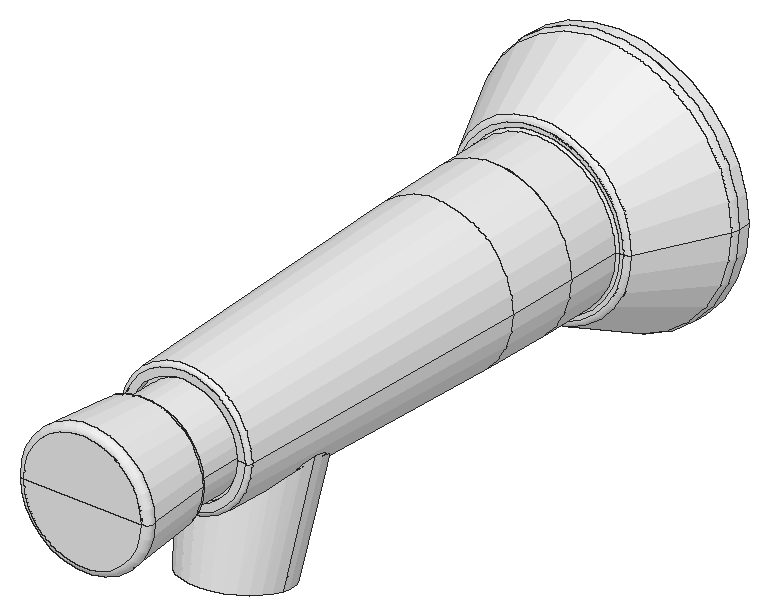
Revit family "947110001_Grifería para Lavamanos Institucional Push Pared", category Plumbing Fixtures, Revit 2019
Family settings
  Round Connector Dimension = Use Diameter
  Part Type = Normal
  OmniClass Number = 23.21.21.19
  OmniClass Title = Commercial Dishwasher Equipment
  Work Plane-Based = No
  Always vertical = Yes
  Cut with Voids When Loaded = No
  Shared = No
  Room Calculation Point = No
Parameters
  Uso = "Institucional"  # constant formula
  URL = "https://corona.co/productos/griferias/griferias-institucionales/griferia-para-lavamanos-institucional-push-pared/p/947110001"
  Tipo de manija/accionamiento = "Push"  # constant formula
  Tipo de instalación = "A pared"  # constant formula
  Tipo de grifería = "De pared"  # constant formula
  Sistema de accionamiento = "Tipo push"  # constant formula
  Sistema antivandálico = "Producto que dificulta las acciones vandálicas"  # constant formula
  Resistencia = "Resistente a la corrosión pelado y decoloración por agua"  # constant formula
  Rango de presión de agua = "Entre 20 y 80 PSI"  # constant formula
  Productos compatibles = "Lavamanos Institucionales Corona"  # constant formula
  Materiales = "Metal"  # constant formula
  Material = Corona_Cromado
  Línea = "Push Pared"  # constant formula
  Largo = "16 cm"  # constant formula
  Incluye = "Cuerpo, botón, escudo, portaescudo"  # constant formula
  Garantías de otros componentes = "2 años en acabados"  # constant formula
  Garantía = "3 años "  # constant formula
  Fecha de creación = "30/07/2020"  # constant formula
  Description = "Un producto perfecto para las necesidades de las instituciones de alto tráfico al estar diseñadas para un óptimo funcionamiento y durabilidad. Destacan por sus características antivandálicas y cierre automático temporizado entre 5 a 9 segundos. Con instalación a pared tipo push antivandálica. ¡No esperes más para tenerla!"  # constant formula
  Creado por = "IDD"  # constant formula
  Consumo de agua = "9.68 lt"  # constant formula
  Colección = "Griferia 2016"  # constant formula
  Capacidad de flujo = "9.68 l/m máximo a 80 PSI"  # constant formula
  Ancho = "6.3 cm"  # constant formula
  Alto = "6.3 cm"  # constant formula
  Acabado = "Cromado"  # constant formula
Reference planes
  plane 1 "Center (Front/Back)": y = 0
  plane 2: z = 0
  plane 3 "Center (Left/Right)": x = 0
Forms (mm)
  Revolve 1, solid, material "Corona_Cromado", detail levels medium+fine
    sketch origin (0, 0, 0) x (0, -1, 0) y (1, 0, 0)
      loop
        line (-12.824, 0) -> (161.465, 0) -> (161.465, 14.232)
        arc (161.465, 14.232) -> (160.786, 15.535) -> (159.33, 15.727) r 1.591
        line (159.33, 15.727) -> (142.949, 14.294)
        arc (142.949, 14.294) -> (142.605, 14.124) -> (142.465, 13.766) r 0.53
        line (142.465, 13.766) -> (142.465, 12.963)
        arc (142.465, 12.963) -> (142.265, 12.478) -> (141.78, 12.278) r 0.685
        line (141.78, 12.278) -> (129.507, 12.278) -> (129.507, 13.086) -> (131.006, 13.086) -> (131.006, 14.86)
        arc (131.006, 14.86) -> (130.736, 15.53) -> (130.076, 15.823) r 0.964
        line (130.076, 15.823) -> (54.62, 18.458)
        arc (54.62, 18.458) -> (46.057, 18.683) -> (37.49, 18.757) r 490.84
        line (37.49, 18.757) -> (24.498, 18.757)
        arc (24.498, 18.757) -> (24.095, 18.924) -> (23.929, 19.327) r 0.569
        line (23.929, 19.327) -> (23.929, 20.355)
        arc (23.929, 20.355) -> (23.695, 21.172) -> (23.063, 21.74) r 1.541
        line (23.063, 21.74) -> (4.472, 30.808)
        arc (4.472, 30.808) -> (3.531, 31.141) -> (2.54, 31.254) r 4.407
        line (2.54, 31.254) -> (0, 31.254) -> (0, 10.245) -> (-10, 10.245) -> (-11.45, 8.795) -> (-12.824, 8.795) -> (-12.824, 0)
      axis (-12.824, 0) -> (161.465, 0)
    angle from 0 to 360
  SweptBlend 2, solid, material "Corona_Cromado", detail levels medium+fine
    path origin (0, 0, 0) x (0, 1, 0) y (0, 0, 1)
      loop
        line (-115.359, -35.548) -> (-108.677, -4.111)
    profile origin (0, -115.359, -35.548) x (0, -0.978148, 0.207912) y (1, 0, 0)
      loop
        spline (0, 11.592) -> (-3.29, 11.197) -> (-6.355, 10.039) -> (-8.987, 8.197) -> (-11.007, 5.796) -> (-12.277, 3) -> (-12.71, 0) -> (-12.277, -3) -> (-11.007, -5.796) -> (-8.987, -8.197) -> (-6.355, -10.039) -> (-3.29, -11.197) -> (0, -11.592)
        spline (0, -11.592) -> (3.29, -11.197) -> (6.355, -10.039) -> (8.987, -8.197) -> (11.007, -5.796) -> (12.277, -3) -> (12.71, 0) -> (12.277, 3) -> (11.007, 5.796) -> (8.987, 8.197) -> (6.355, 10.039) -> (3.29, 11.197) -> (0, 11.592)
    end profile origin (0, -108.677, -4.111) x (0, -0.978148, 0.207912) y (1, 0, 0)
      loop
        circle (0, 0) r 15
  Extrusion 3, solid, material "Corona_Cromado", detail levels coarse
    sketch origin (0, 0, 0) x (1, 0, 0) y (0, 1, 0)
      loop
        line (32.138, 12.824) -> (-31.853, 12.824) -> (-31.853, -162.373) -> (32.138, -162.373) -> (32.138, 12.824)
    from -38.608 to 32.072
Dimensions and locks
  aligned and locked: level to plane 2
Nested families
  nested 1: "Family2" at (0, 0, 0) x (0, -1, 0) z (1, 0, 0), type "Family2"
  nested 2: "Family4" at (0, 0, 0) x (1, 0, 0) z (0, -1, 0), type "Family4"
  nested 3: "Family5" at (0, 0, 0), type "Family5"
Definition of nested family "Family2"
  Reference planes
    plane 1 "Center (Front/Back)": y = 0
    plane 2: z = 0
    plane 3 "Center (Left/Right)": x = 0
Definition of nested family "Family4"
  Reference planes
    plane 1 "Center (Front/Back)": y = 0
    plane 2: z = 0
    plane 3 "Center (Left/Right)": x = 0
Definition of nested family "Family5"
  Reference planes
    plane 1 "Center (Front/Back)": y = 0
    plane 2: z = 0
    plane 3 "Center (Left/Right)": x = 0
  Lines and regions (mm)
    detail lines, in view "Ref. Level"
      curve 1: line (-10.483, 0, 0) -> (10.483, 0, 0)
